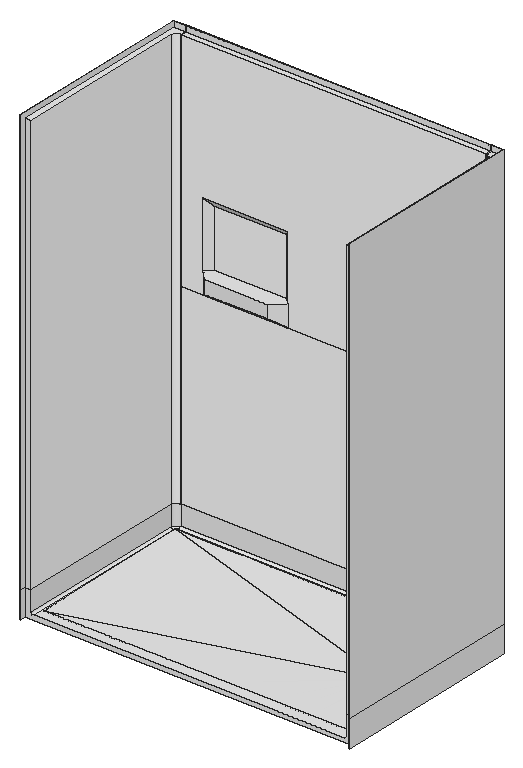
Revit family "5LBS6034E75T,E2T,E75B,E2B", category Plumbing Fixtures, Revit 2014
Parameters (values of type "5LBS6034B75T")
  Unit Width = 60"
  Unit Height = 82 1/4"
  URL = "http://www.best-bath.com/"
  Type Comments = "Barrier Free"
  Threshold Height = 3/4"
  Model = "5LBS6034B75T"
  Material [instance] = Best Bath Gelcoat Fiberglass - Smooth
  Manufacturer = "Best Bath Systems, Inc."
  Keynote = "22 40 00.B3"
  Description = "4 x 8 SubwayTile, Traditionals Bull Nose Threshold"
  Assembly Code = "D2010710"
Types (5): name | Unit Height | Threshold Height | Model | Material | Description
  (no name) | 82 1/4" | 3/4" | "5LBS6034B75T" | Best Bath Gelcoat Fiberglass - Smooth | "4 x 8 SubwayTile, Traditionals Bull Nose Threshold"
  5LBS6030B75B | 82 1/4" | 3/4" | "5LBS6030B75B" | Best Bath Gelcoat Fiberglass - RealTile | "4 x8 Subway Tile, Beveled Threshold"
  5LBS6034B75T | 82 1/4" | 3/4" | "5LBS6034B75T" | Best Bath Gelcoat Fiberglass - Smooth | "4 x 8 SubwayTile, Traditionals Bull Nose Threshold"
  5LBS6034B2T | 82 1/2" | 2" | "5LBS6034B2T" | Best Bath Gelcoat Fiberglass - RealTile | "4 x 8 Subway Tile, Traditionals Bull Nose Threshold"
  5LBS6034B2B | 82 1/2" | 2" | "5LBS6034B2B" | Best Bath Gelcoat Fiberglass - Smooth | "4 x 8 Subway Tile, Beveled Threshold"
Reference planes (in)
  plane 1: z = 0
  plane 2 "Left": x = 0
  plane 3: z = 81.25
  plane 4: z = 82.25
  plane 5: y = 2.36165
  plane 6: y = 36.36165
  plane 7: x = 60
  plane 8: y = 35.11165
  plane 9: y = 19.36165
  plane 10: z = 0.375
  plane 11: z = 0.75
  plane 12: z = 40.25
  plane 13: z = 4.75
  plane 14: y = 1.36165
  plane 15: z = 44.25
  plane 16: x = 30
Forms (in)
  Extrusion 1, solid, material "Best Bath Gelcoat Fiberglass - Smooth"
    sketch origin (0, 0, 0) x (1, 0, 0) y (0, 1, 0)
      loop
        line (0, 2.36165) -> (60, 2.36165) -> (60, 36.36165) -> (0, 36.36165) -> (0, 2.36165)
      loop
        circle (51.5, 19.36165) r 2.125
    from 0 to 0.75
  Extrusion 2, solid, material "Best Bath Gelcoat Fiberglass - Smooth" <- "Material"
    sketch origin (0, 0, 0) x (1, 0, 0) y (0, 1, 0)
      loop
        line (2.25, 36.36165) -> (2.25, 35.11165) -> (57.75, 35.11165) -> (57.75, 36.36165) -> (2.25, 36.36165)
    from 4.75 to 40.25
  Blend 3, void
    base sketch origin (0, 0, 0) x (1, 0, 0) y (0, 1, 0)
      loop
        line (1.875, 4.36165) -> (58.125, 4.36165) -> (58.125, 34.48665) -> (1.875, 34.48665) -> (1.875, 4.36165)
    top sketch origin (0, 0, 0) x (1, 0, 0) y (0, 1, 0)
      loop
        circle (51.5, 19.36165) r 0.07952
    from 0.75 to 0.375
  Extrusion 4, solid, material "Best Bath Gelcoat Fiberglass - Smooth" <- "Material"
    sketch origin (0, 0, 0) x (1, 0, 0) y (0, 1, 0)
      loop
        line (2.25, 36.36165) -> (2.25, 35.11165) -> (57.75, 35.11165) -> (57.75, 36.36165) -> (2.25, 36.36165)
    from 40.25 to 81.25
  Extrusion 5, solid, material "Best Bath Gelcoat Fiberglass - Smooth"
    sketch origin (0.25, 0, 0) x (1, 0, 0) y (0, 1, 0)
      loop
        line (-0.25, 2.36165) -> (1, 2.36165) -> (1, 34.11165)
        arc (1, 34.11165) -> (1.29289, 34.81875) -> (2, 35.11165) r 1
        line (2, 35.11165) -> (2, 36.36165) -> (-0.25, 36.36165) -> (-0.25, 2.36165)
      loop
        line (59.75, 2.36165) -> (59.75, 36.36165) -> (57.5, 36.36165) -> (57.5, 35.11165)
        arc (57.5, 35.11165) -> (58.20711, 34.81875) -> (58.5, 34.11165) r 1
        line (58.5, 34.11165) -> (58.5, 2.36165) -> (59.75, 2.36165)
    from 4.75 to 81.25
  Extrusion 6, solid, material "Best Bath Gelcoat Fiberglass - Smooth"
    sketch origin (0, 0, 0) x (1, 0, 0) y (0, 1, 0)
      loop
        line (0, 36.36165) -> (0, 2.36165) -> (1.25, 2.36165) -> (1.25, 34.11165)
        arc (1.25, 34.11165) -> (1.54289, 34.81875) -> (2.25, 35.11165) r 1
        line (2.25, 35.11165) -> (57.75, 35.11165)
        arc (57.75, 35.11165) -> (58.45711, 34.81875) -> (58.75, 34.11165) r 1
        line (58.75, 34.11165) -> (58.75, 2.36165) -> (60, 2.36165) -> (60, 35.11165) -> (60, 36.36165) -> (0, 36.36165)
    from 0 to 4.75
  Sweep 7, solid, material "Best Bath Gelcoat Fiberglass - Smooth"
    path origin (0, 0, 0) x (1, 0, 0) y (0, 1, 0)
      loop
        line (1.25, 2.36165) -> (1.25, 34.11165)
        arc (1.25, 34.11165) -> (1.54289, 34.81875) -> (2.25, 35.11165) r 1
        line (2.25, 35.11165) -> (57.75, 35.11165)
        arc (57.75, 35.11165) -> (58.45711, 34.81875) -> (58.75, 34.11165) r 1
        line (58.75, 34.11165) -> (58.75, 2.36165)
    profile origin (1.25, 18.23665, 0) x (-1, 0, 0) y (0, 0, 1)
      loop
        line (0, 0.75) -> (0, 1.125)
        arc (0, 1.125) -> (-0.10983, 0.85983) -> (-0.375, 0.75) r 0.375
        line (-0.375, 0.75) -> (0, 0.75)
  Extrusion 8, solid, material "Best Bath Gelcoat Fiberglass - Smooth"
    sketch origin (0, 0, 0) x (1, 0, 0) y (0, 1, 0)
      loop
        line (0, 1.36165) -> (0.125, 1.36165) -> (0.125, 2.36165) -> (0, 2.36165) -> (0, 1.36165)
      loop
        line (60, 1.36165) -> (60, 2.36165) -> (59.875, 2.36165) -> (59.875, 1.36165) -> (60, 1.36165)
    from 0 to 4.75
  Extrusion 9, solid, material "Best Bath Gelcoat Fiberglass - Smooth" <- "Material"
    sketch origin (0, 0, 0) x (1, 0, 0) y (0, 1, 0)
      loop
        line (2.25, 36.36165) -> (2.25, 36.23665) -> (57.75, 36.23665) -> (57.75, 36.36165) -> (2.25, 36.36165)
    from 81.25 to 82.25
  Extrusion 10, solid, material "Best Bath Gelcoat Fiberglass - Smooth"
    sketch origin (0, 0, 0) x (1, 0, 0) y (0, 1, 0)
      loop
        line (0.125, 1.36165) -> (0.125, 36.23665) -> (2.25, 36.23665) -> (2.25, 36.36165) -> (0, 36.36165) -> (0, 1.36165) -> (0.125, 1.36165)
      loop
        line (59.875, 1.36165) -> (60, 1.36165) -> (60, 36.36165) -> (57.75, 36.36165) -> (57.75, 36.23665) -> (59.875, 36.23665) -> (59.875, 1.36165)
    from 4.75 to 82.25
  Blend 11, solid, material "Best Bath Gelcoat Fiberglass - Smooth" <- "Material"
    base sketch origin (1.5, -39, 0) x (1, 0, 0) y (0, 0, 1)
      loop
        line (52.25, 44.25) -> (36.75, 44.25) -> (36.75, 40.25) -> (52.25, 40.25) -> (52.25, 44.25)
    top sketch origin (1.5, -39, 0) x (1, 0, 0) y (0, 0, 1)
      loop
        line (38.75, 44.25) -> (38.75, 41.875) -> (50.25, 41.875) -> (50.25, 44.25) -> (38.75, 44.25)
    from -74.11165 to -72.11165
  Blend 12, void
    base sketch origin (1.5, -38.5, 0) x (1, 0, 0) y (0, 0, 1)
      loop
        line (36.75, 44.25) -> (52.25, 44.25) -> (52.25, 56) -> (36.75, 56) -> (36.75, 44.25)
    top sketch origin (1.5, -38.5, 0) x (1, 0, 0) y (0, 0, 1)
      loop
        line (38, 44.25) -> (51, 44.25) -> (51, 54.75) -> (38, 54.75) -> (38, 44.25)
    from -73.61165 to -74.61165
  Blend 13, solid, material "Best Bath Gelcoat Fiberglass - Smooth" <- "Material"
    base sketch origin (58.5, -39, 0) x (-1, 0, 0) y (0, 0, -1)
      loop
        line (52.25, -44.25) -> (52.25, -40.25) -> (36.75, -40.25) -> (36.75, -44.25) -> (52.25, -44.25)
    top sketch origin (58.5, -39, 0) x (-1, 0, 0) y (0, 0, -1)
      loop
        line (38.75, -44.25) -> (50.25, -44.25) -> (50.25, -41.875) -> (38.75, -41.875) -> (38.75, -44.25)
    from -74.11165 to -72.11165
  Blend 14, void
    base sketch origin (58.5, -38.5, 0) x (-1, 0, 0) y (0, 0, -1)
      loop
        line (36.75, -44.25) -> (36.75, -56) -> (52.25, -56) -> (52.25, -44.25) -> (36.75, -44.25)
    top sketch origin (58.5, -38.5, 0) x (-1, 0, 0) y (0, 0, -1)
      loop
        line (38, -44.25) -> (38, -54.75) -> (51, -54.75) -> (51, -44.25) -> (38, -44.25)
    from -73.61165 to -74.61165
Cuts and joins
  Blend 3 cuts Extrusion 1
  joined: Extrusion 1, Extrusion 6, Sweep 7, Extrusion 8
  Blend 12, Blend 14 cuts Extrusion 4
  Blend 14 cuts Extrusion 9
  Blend 14 cuts Blend 11
  joined: Extrusion 4, Extrusion 9, Blend 11, Blend 13
  joined: Extrusion 5, Extrusion 10
Dimensions and locks (in)
  locked: plane 4 to plane 3 at 1
  "Unit Height": plane 4 to level
  plane 2 "Left" to plane 7 = 60"
  "Unit Width": plane 2 "Left" to plane 7
  locked: plane 6 to plane 8 at 1.25
  locked: plane 6 to plane 9 at 17
  "Threshold Height": plane 11 to level
  locked: plane 11 to plane 10 at 0.375
  locked: plane 12 to plane 13 at 35.5
  locked: plane 13 to plane 11 at 4
  locked: plane 5 to plane 14 at 1
  locked: plane 6 to plane 14 at 35
  locked: plane 15 to plane 12 at 4
  aligned and locked: level to plane 1
  aligned and locked: Extrusion 1 sketch curve to plane 5
  aligned and locked: Extrusion 1 sketch curve to plane 2 "Left"
  aligned and locked: plane 6 to Extrusion 1 sketch curve
  aligned and locked: Extrusion 1 sketch curve to plane 7
  aligned and locked: plane 9 to Extrusion 1 sketch curve
  aligned and locked: plane 11 to Extrusion 1
  aligned and locked: plane 9 to Blend 3 sketch curve
  aligned and locked: Extrusion 1 to Blend 3
  aligned and locked: Blend 3 to plane 10
  aligned and locked: plane 12 to Extrusion 2
  aligned and locked: Extrusion 4 to Extrusion 2
  aligned and locked: plane 3 to Extrusion 4
  aligned and locked: plane 3 to Extrusion 5
  aligned and locked: plane 13 to Extrusion 6
  aligned and locked: Extrusion 5 to plane 13
  aligned and locked: Extrusion 2 to plane 13
  aligned and locked: Sweep 7 sketch curve to plane 11
  aligned and locked: Extrusion 8 to Extrusion 2
  aligned and locked: Extrusion 9 to plane 3
  aligned and locked: plane 4 to Extrusion 9
  aligned and locked: Extrusion 10 to Extrusion 2
  aligned and locked: plane 4 to Extrusion 10
Automatic sketch dimensions
  plane 7 to Extrusion 1 sketch curve = 8 1/2"
  Extrusion 2 sketch curve to plane 8 = 0"
  Extrusion 2 sketch curve to plane 6 = 0"
  plane 2 "Left" to Extrusion 2 sketch curve = 2 1/4"
  plane 7 to Extrusion 2 sketch curve = 2 1/4"
  Blend 3 sketch curve to plane 8 = 5/8"
  plane 2 "Left" to Blend 3 sketch curve = 1 7/8"
  plane 7 to Blend 3 sketch curve = 1 7/8"
  plane 5 to Blend 3 sketch curve = 2"
  plane 7 to Blend 3 sketch curve = 8 1/2"
  Extrusion 4 sketch curve to plane 8 = 0"
  Extrusion 4 sketch curve to plane 6 = 0"
  plane 2 "Left" to Extrusion 4 sketch curve = 2 1/4"
  plane 7 to Extrusion 4 sketch curve = 2 1/4"
  Extrusion 5 sketch curve to plane 2 "Left" = 0"
  Extrusion 5 sketch curve to plane 5 = 0"  (x2)
  Extrusion 5 sketch curve to plane 6 = 0"  (x2)
  Extrusion 5 sketch curve to plane 8 = 0"  (x2)
  Extrusion 5 sketch curve to plane 7 = 0"
  Extrusion 5 sketch curve to Extrusion 5 sketch curve = 1 1/4"
  Extrusion 5 sketch curve to Extrusion 5 sketch curve = 1"
  plane 7 to Extrusion 5 sketch curve = 2 1/4"
  plane 7 to Extrusion 5 sketch curve = 1 1/4"
  Extrusion 6 sketch curve to plane 2 "Left" = 0"
  Extrusion 6 sketch curve to plane 5 = 0"  (x2)
  Extrusion 6 sketch curve to plane 8 = 0"  (x2)
  Extrusion 6 sketch curve to plane 7 = 0"
  Extrusion 6 sketch curve to plane 6 = 0"
  Extrusion 6 sketch curve to Extrusion 6 sketch curve = 1 1/4"
  Extrusion 6 sketch curve to Extrusion 6 sketch curve = 1"
  Extrusion 6 sketch curve to plane 8 = 1"
  plane 7 to Extrusion 6 sketch curve = 2 1/4"
  Sweep 7 sketch curve to plane 5 = 0"  (x2)
  Sweep 7 sketch curve to plane 8 = 0"
  plane 2 "Left" to Sweep 7 sketch curve = 1 1/4"
  Sweep 7 sketch curve to Sweep 7 sketch curve = 1"
  Sweep 7 sketch curve to plane 8 = 1"
  plane 7 to Sweep 7 sketch curve = 2 1/4"
  Sweep 7 sketch curve to profile plane = 0"
  profile plane to Sweep 7 sketch curve = 3/8"
  Extrusion 8 sketch curve to plane 2 "Left" = 0"
  Extrusion 8 sketch curve to plane 5 = 0"  (x2)
  Extrusion 8 sketch curve to plane 14 = 0"  (x2)
  Extrusion 8 sketch curve to plane 7 = 0"
  plane 2 "Left" to Extrusion 8 sketch curve = 1/8"
  plane 7 to Extrusion 8 sketch curve = 1/8"
  Extrusion 9 sketch curve to plane 6 = 0"
  Extrusion 9 sketch curve to plane 6 = 1/8"
  plane 2 "Left" to Extrusion 9 sketch curve = 2 1/4"
  plane 7 to Extrusion 9 sketch curve = 2 1/4"
  Extrusion 10 sketch curve to plane 2 "Left" = 0"
  Extrusion 10 sketch curve to plane 14 = 0"  (x2)
  Extrusion 10 sketch curve to plane 6 = 0"  (x2)
  Extrusion 10 sketch curve to plane 7 = 0"
  plane 2 "Left" to Extrusion 10 sketch curve = 1/8"
  Extrusion 10 sketch curve to plane 6 = 1/8"  (x2)
  Extrusion 10 sketch curve to Extrusion 10 sketch curve = 2 1/8"
  plane 7 to Extrusion 10 sketch curve = 2 1/4"
  plane 7 to Extrusion 10 sketch curve = 1/8"
  Blend 11 sketch curve to plane 15 = 0"  (x2)
  Blend 11 sketch curve to plane 12 = 0"
  plane 16 to Blend 11 sketch curve = 8 1/4"
  plane 7 to Blend 11 sketch curve = 6 1/4"
  plane 12 to Blend 11 sketch curve = 1 5/8"
  plane 16 to Blend 11 sketch curve = 10 1/4"
  plane 7 to Blend 11 sketch curve = 8 1/4"
  Blend 12 sketch curve to plane 15 = 0"  (x2)
  plane 16 to Blend 12 sketch curve = 8 1/4"
  plane 7 to Blend 12 sketch curve = 6 1/4"
  plane 15 to Blend 12 sketch curve = 11 3/4"
  plane 16 to Blend 12 sketch curve = 9 1/2"
  plane 7 to Blend 12 sketch curve = 7 1/2"
  plane 15 to Blend 12 sketch curve = 10 1/2"
  Blend 13 sketch curve to plane 15 = 0"  (x2)
  Blend 13 sketch curve to plane 12 = 0"
  Blend 13 sketch curve to plane 16 = 8 1/4"
  plane 2 "Left" to Blend 13 sketch curve = 6 1/4"
  plane 12 to Blend 13 sketch curve = 1 5/8"
  Blend 13 sketch curve to plane 16 = 10 1/4"
  plane 2 "Left" to Blend 13 sketch curve = 8 1/4"
  Blend 14 sketch curve to plane 15 = 0"  (x2)
  Blend 14 sketch curve to plane 16 = 8 1/4"
  plane 2 "Left" to Blend 14 sketch curve = 6 1/4"
  plane 15 to Blend 14 sketch curve = 11 3/4"
  Blend 14 sketch curve to plane 16 = 9 1/2"
  plane 2 "Left" to Blend 14 sketch curve = 7 1/2"
  plane 15 to Blend 14 sketch curve = 10 1/2"
  radius of Extrusion 1 sketch curve = 2 1/8"
  radius of Blend 3 sketch curve = 0.07952"
